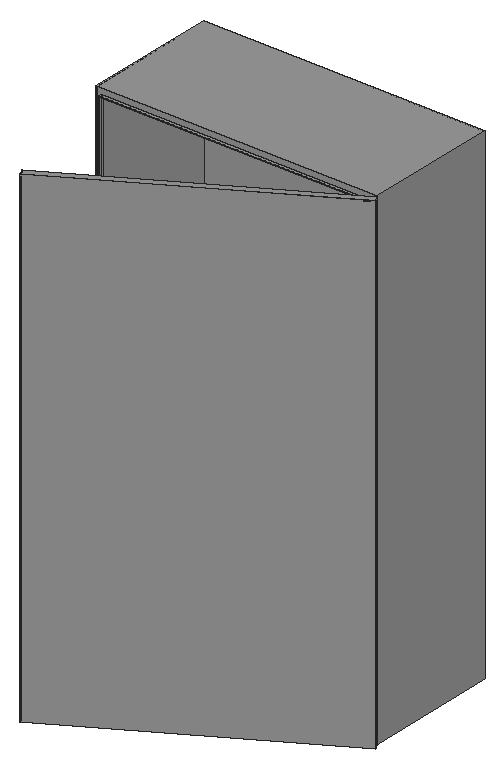
Revit family "Hager-Univers-IP55-D400-H1400-Cl.II-Steel_encl-NoHosted-SE-en", category Equipement électrique, Revit 2020
Family settings
  Configuration du panneau = Deux colonnes, circuits au sein
  Cote de connecteur circulaire = Utiliser le diamètre
  Type d'élément = Tableau de raccordement
  Basée sur le plan de construction = Oui
  Toujours verticalement = Oui
  Couper avec des vides une fois chargée = Non
  Partagée = Non
  Point de calcul de pièce = Non
Parameters (values of type "Surface mounted (plaster) IP55 W800 H1400 D400  - FR93H")
  Width Control [instance] = if([EF000008 - Width] > Min Width, [EF000008 - Width], Min Width)  # 800 mm
  Commentaires du type = [HG000003 - Range]  # "Univers"
  Thickness Door [instance] = if([EF009171 - Material plate thickness door/cover] > 3 mm, 3 mm, [EF009171 - Material plate thickness door/cover])  # 1.5 mm
  Seal Frame Offset [instance] = 17 mm  # constant formula
  Plinth Visibility [instance] = [HG000027 - Plinth height] > 0 mm  # no
  Min Width [instance] = 100 mm  # constant formula
  Min Depth [instance] = (2 * [EF009170 - Material plate thickness cabinet]) + 1 mm  # 4 mm
  Min Height [instance] = 100 mm  # constant formula
  Internal Frame Depth [instance] = (Door System Depth * 0.5)  # 9 mm
  Panel Name [instance] = ""  # (empty or 0)
  Model = ""
  HG000027 - Plinth height = 0 mm
  HG000026 - Floor standing = no
  HG000024 - Bottom section height = 600 mm
  HG000023 - Double section enclosure = no
  HG000016 - Door 3d visibility [instance] = yes
  HG000015 - Clearance visibility [instance] = no
  HG000014 - Door on the right [instance] = yes
  HG000013 - Door on the left [instance] = not([HG000014 - Door on the right])  # no
  HG000012 - Door swing angle [instance] = 30.00°
  HG000010 - Asymmetric doors = no
  HG000009 - Double swing door = no
  HG000006 - Flush mounted = no
  HG000004 - Manufacturer reference = "FR93H"
  HG000003 - Range = "Univers"
  HG000002 - With door or cover = yes
  Frame Offset Bottom [instance] = 10 mm  # constant formula
  Frame Offset [instance] = 15 mm  # constant formula
  EF015940 - Cover with overpressure release = no
  EF011959 - Degree of protection (NEMA) = ""
  EF009554 - Number of openings for flange plates = 6
  EF009212 - Cover model = "EV000116 - Closed"
  EF009171 - Material plate thickness door/cover = 1.5 mm
  EF009170 - Material plate thickness cabinet = 1.5 mm
  EF008873 - Nominal current (In) = 800 A
  EF007800 - Suitable for lightning protection = no
  EF006306 - With lock = no
  EF006244 - Transparent cover/door = no
  EF005474 - Degree of protection (IP) = "EV006420 - IP55"
  EF004464 - Type of door = "EV002646 - Single"
  EF004427 - Number of modules = 324
  EF004293 - Impact strength = "EV008784 - IK10"
  EF003532 - Suitable for outdoor use = no
  EF002950 - Width in number of modular spacings = 24
  EF001613 - Circuit integrity = "EV000494 - None"
  EF001596 - Material housing = "EV000179 - Steel"
  EF001131 - Internal depth = 400 mm
  EF001088 - Extension possible = yes
  EF000437 - Number of conduit inlets = 6
  EF000339 - Type of cover = "EV004216 - Door"
  EF000266 - Number of rows = 9
  EF000218 - Built-in depth = 0 mm
  EF000118 - With mounting plate = no
  EF000116 - RAL-number = "7035"
  EF000049 - Depth = 400 mm
  EF000040 - Height = 1400 mm
  EF000008 - Width = 800 mm
  EF000007 - Colour = "EV000270 - Grey"
  EF000003 - Mounting method = "EV000384 - Surface mounted (plaster)"
  Door System Leaf Tolerance [instance] = 1.5 mm  # constant formula
  Door System Depth [instance] = 18 mm  # constant formula
  Door Height [instance] = Height Control - [HG000027 - Plinth height]  # 1400 mm
  Description = ""
  Default Elevation = 1219.2 mm
  Connector Offset [instance] = Height Control / 2  # 700 mm
  Fabricant = "Hager"  # constant formula
  Height Control [instance] = if([EF000040 - Height] > Min Height, [EF000040 - Height], Min Height)  # 1400 mm
  Depth Control [instance] = if([EF000049 - Depth] > Min Depth, [EF000049 - Depth], Min Depth)  # 400 mm
  Bottom Top Plate Trim [instance] = 1.5 mm  # constant formula
  Plinth height Ctrl [instance] = if([HG000027 - Plinth height] > 0 mm, [HG000027 - Plinth height], 12 mm)  # 12 mm
Types (3, lengths in mm): name | Width Control | HG000009 - Double swing door | HG000004 - Manufacturer reference | EF009554 - Number of openings for flange plates | EF004464 - Type of door | EF004427 - Number of modules | EF000437 - Number of conduit inlets | EF000008 - Width
  Surface mounted (plaster) IP55 W1050 H1400 D400  - FR94H | 1050 | yes | "FR94H" | 8 | "EV003602 - Double" | 432 | 8 | 1050
  Surface mounted (plaster) IP55 W550 H1400 D400  - FR92H | 550 | no | "FR92H" | 4 | "EV002646 - Single" | 216 | 4 | 550
  Surface mounted (plaster) IP55 W800 H1400 D400  - FR93H | 800 | no | "FR93H" | 6 | "EV002646 - Single" | 324 | 6 | 800
Reference planes
  plane 1 "Center (Front/Back)": y = 0
  plane 2: z = 0
  plane 3 "Center (Left/Right)": x = 0
  plane 4: y = 0
  plane 5: y = 0
  plane 6: z = 0
  plane 7: x = -400
  plane 8: x = 400
  plane 9: x = 398.5
  plane 10: x = -398.5
  plane 11: z = 0
  plane 12: z = 1.5
  plane 13: y = -400
  plane 14: y = -1.5
  plane 15: x = 0
  plane 16: y = -382
  plane 17: y = -398.5
  plane 18: y = -380.5
  plane 19: x = -383.5
  plane 20: x = 383.5
  plane 21: z = 11.5
  plane 22: x = -383
  plane 23: x = 383
  plane 24: z = 0
  plane 25: z = 1400
  plane 26: z = 1400
  plane 27: z = 1383.5
  plane 28: z = 1398.5
Forms (mm)
  Extrusion 1, solid, material "Hager_Steel_RAL7035_Light_Grey", detail levels medium+fine
    sketch origin (-208.679, -4572, 0) x (-1, 0, 0) y (0, -1, 0)
      loop
        line (191.321, -4190) -> (-608.679, -4190) -> (-608.679, -4572) -> (191.321, -4572) -> (191.321, -4190)
    from 0 to 1400
  Extrusion 2, void
    sketch origin (-350.771, -400, 1219.2) x (1, 0, 0) y (0, 0, 1)
      loop
        line (-47.729, 179.3) -> (-47.729, -1217.7) -> (749.271, -1217.7) -> (749.271, 179.3) -> (-47.729, 179.3)
    from -19.5 to -398.5
  Extrusion 3, void
    sketch origin (-290.084, -382, 1219.2) x (1, 0, 0) y (0, 0, 1)
      loop
        line (-93.416, -1207.7) -> (673.584, -1207.7) -> (673.584, 164.3) -> (-93.416, 164.3) -> (-93.416, -1207.7)
    from 0 to -1.5
  Extrusion 4, solid, material "Hager_Steel_RAL7035_Light_Grey", visible <- "Plinth Visibility", detail levels medium+fine
    sketch origin (0, 0, 0) x (1, 0, 0) y (0, 1, 0)
      loop
        line (-400, 0) -> (-400, -382) -> (400, -382) -> (400, 0) -> (-400, 0)
    from 0 to 12 <- "Plinth height Ctrl"
  Extrusion 5, solid, material "Hager_Steel_RAL7035_Light_Grey", detail levels coarse
    sketch origin (0, 0, 0) x (1, 0, 0) y (0, 1, 0)
      loop
        line (-400, 0) -> (-400, -400) -> (400, -400) -> (400, 0) -> (-400, 0)
    from 0 to 1400 <- "Height Control"
  Sweep 6, void
    path in 3D
      loop
        line (-400, -382, 12) -> (400, -382, 12) -> (400, 0, 12) -> (-400, 0, 12) -> (-400, -382, 12)
    profile origin (-400, -191, 12) x (1, 0, 0) y (0, 0, 1)
      loop
        line (0, 0) -> (0, -1.5) -> (1.5, -1.5)
        arc (1.5, -1.5) -> (1.061, -0.439) -> (0, 0) r 1.5
  Extrusion 7, solid, material "Hager_Steel_RAL7035_Light_Grey", detail levels fine
    sketch origin (-400, -382, 0) x (1, 0, 0) y (0, 0, 1)
      loop
        line (16.5, 11.5) -> (783.5, 11.5) -> (783.5, 1383.5) -> (16.5, 1383.5) -> (16.5, 11.5)
      loop
        line (15, 10) -> (785, 10) -> (785, 1385) -> (15, 1385) -> (15, 10)
    from 0 to 9 <- "Internal Frame Depth"
Cuts and joins
  Extrusion 2, Extrusion 3 cuts Extrusion 1
  Sweep 6 cuts Extrusion 4
Lines and regions (mm)
  Masking region 1
    outline origin (0, 0, 0) x (1, 0, 0) y (0, 1, 0)
      loop
        line (-400, 0) -> (-400, -400) -> (400, -400) -> (400, 0) -> (-400, 0)
  Masking region 2, detail levels coarse
    outline origin (-290.084, -382, 1219.2) x (-1, 0, 0) y (0, 0, 1)
      loop
        line (-690.084, -1219.2) -> (109.916, -1219.2) -> (109.916, 180.8) -> (-690.084, 180.8) -> (-690.084, -1219.2)
  Masking region 3, detail levels coarse
    outline origin (0, 0, 0) x (0, 1, 0) y (0, 0, 1)
      loop
        line (0, 0) -> (0, 1400) -> (-400, 1400) -> (-400, 0) -> (0, 0)
  Masking region 4, visible <- "Plinth Visibility", detail levels medium+fine
    outline origin (0, 0, 0) x (0, 1, 0) y (0, 0, 1)
      loop
        line (-1.5, 12) -> (-380.5, 12)
        arc (-380.5, 12) -> (-380.939, 10.939) -> (-382, 10.5) r 1.5
        line (-382, 10.5) -> (-382, 0) -> (0, 0) -> (0, 10.5)
        arc (0, 10.5) -> (-1.061, 10.939) -> (-1.5, 12) r 1.5
  Masking region 5, detail levels medium+fine
    outline origin (0, 0, 594.038) x (0, 1, 0) y (0, 0, 1)
      loop
        line (0, -594.038) -> (0, 805.962) -> (-382, 805.962) -> (-382, -594.038) -> (0, -594.038)
  Masking region 6, detail levels medium+fine
    outline origin (-359.7, -382, 1211.883) x (-1, 0, 0) y (0, 0, 1)
      loop
        line (-759.7, -1211.883) -> (40.3, -1211.883) -> (40.3, 188.117) -> (-759.7, 188.117) -> (-759.7, -1211.883)
  Masking region 7, visible <- "Plinth Visibility", detail levels medium+fine
    outline origin (-320.334, -382, 1041.368) x (-1, 0, 0) y (0, 0, 1)
      loop
        line (-720.334, -1041.368) -> (79.666, -1041.368) -> (79.666, -1030.868)
        arc (79.666, -1030.868) -> (78.606, -1030.429) -> (78.166, -1029.368) r 1.5
        line (78.166, -1029.368) -> (-718.834, -1029.368)
        arc (-718.834, -1029.368) -> (-719.273, -1030.429) -> (-720.334, -1030.868) r 1.5
        line (-720.334, -1030.868) -> (-720.334, -1041.368)
  sketch lines
    curve 1: line (-400, 0, 12) -> (-400, -382, 12)
    curve 2: line (-400, -382, 12) -> (400, -382, 12)
    curve 3: line (400, 0, 12) -> (-400, 0, 12)
    curve 4: line (400, -382, 12) -> (400, 0, 12)
Dimensions and locks
  locked: plane 1 "Center (Front/Back)" to plane 5
  "EF009170 - Material plate thickness cabinet": plane 7 to plane 10
  "EF009170 - Material plate thickness cabinet": plane 8 to plane 9
  equal spacing: plane 7, plane 3 "Center (Left/Right)", plane 8
  "Width Control": plane 7 to plane 8
  "Depth Control": plane 4 to plane 13
  "EF009170 - Material plate thickness cabinet": plane 4 to plane 14
  "Height Control": plane 25 to level
  "HG000027 - Plinth height": plane 11 to level
  "EF009170 - Material plate thickness cabinet": plane 12 to plane 11
  "EF009170 - Material plate thickness cabinet": plane 17 to plane 13
  "EF009170 - Material plate thickness cabinet": plane 18 to plane 16
  "Frame Offset Bottom": plane 21 to plane 12
  "Frame Offset": plane 10 to plane 19
  "Frame Offset": plane 9 to plane 20
  "Door System Depth": plane 16 to plane 13
  "Seal Frame Offset": plane 7 to plane 22
  "Seal Frame Offset": plane 8 to plane 23
  "EF009170 - Material plate thickness cabinet": plane 26 to plane 28
  "Frame Offset": plane 28 to plane 27
  "Connector Offset": plane 2 to connector elem
  "Bottom Top Plate Trim": profile plane to Sweep 6 sketch curve
  "Bottom Top Plate Trim": Sweep 6 sketch curve to Sweep 6 sketch curve
  "Plinth height Ctrl": Masking region 4 sketch curve to level
  "Plinth height Ctrl": Masking region 7 sketch curve to level
  "Thickness Door": Extrusion 7 sketch curve to Extrusion 7 sketch curve  (x4)
  "Bottom Top Plate Trim": radius of Sweep 6 sketch curve
  "Bottom Top Plate Trim": radius of Masking region 4 sketch curve  (x2)
  "Bottom Top Plate Trim": radius of Masking region 7 sketch curve  (x2)
  aligned and locked: Extrusion 2 sketch curve to plane 12
  aligned and locked: Extrusion 2 sketch curve to plane 9
  aligned and locked: Extrusion 2 sketch curve to plane 10
  aligned and locked: Extrusion 2 to plane 14
  aligned and locked: Extrusion 1 sketch curve to plane 4
  aligned and locked: plane 8 to Extrusion 1 sketch curve
  aligned and locked: plane 7 to Extrusion 1 sketch curve
  aligned and locked: Extrusion 2 to plane 18
  aligned and locked: Extrusion 3 sketch curve to plane 19
  aligned and locked: plane 20 to Extrusion 3 sketch curve
  aligned and locked: Extrusion 3 to Extrusion 2
  aligned and locked: Extrusion 3 sketch curve to plane 21
  aligned and locked: plane 3 "Center (Left/Right)" to nested 1
  aligned and locked: Extrusion 1 sketch curve to plane 16
  aligned and locked: Extrusion 4 sketch curve to cut or joined group of Extrusion 1, Extrusion 2, Extrusion 3
  aligned and locked: Masking region 1 sketch curve to plane 7
  aligned and locked: Masking region 1 sketch curve to plane 5
  aligned and locked: Masking region 1 sketch curve to plane 8
  aligned and locked: Masking region 2 sketch curve to level
  aligned and locked: level to Masking region 3 sketch curve
  aligned and locked: plane 1 "Center (Front/Back)" to Masking region 3 sketch curve
  aligned and locked: plane 13 to Masking region 3 sketch curve
  aligned and locked: plane 5 to Masking region 4 sketch curve
  aligned and locked: Masking region 2 sketch curve to plane 8
  aligned and locked: Masking region 2 sketch curve to plane 7
  aligned and locked: plane 7 to nested 2
  aligned and locked: nested 2 to plane 5
  aligned and locked: plane 5 to Masking region 5 sketch curve
  aligned and locked: plane 26 to Masking region 5 sketch curve
  aligned and locked: Extrusion 5 sketch curve to plane 8
  aligned and locked: Extrusion 5 sketch curve to plane 7
  aligned and locked: Extrusion 5 sketch curve to plane 5
  aligned and locked: Extrusion 3 sketch curve to plane 27
  aligned and locked: Extrusion 2 sketch curve to plane 28
  aligned and locked: Masking region 2 to plane 25
  aligned and locked: Extrusion 4 to plane 16
  aligned and locked: profile plane to Sweep 6 sketch curve
  aligned and locked: Masking region 5 sketch curve to plane 24
  aligned and locked: level to Masking region 4 sketch curve
  aligned and locked: Masking region 1 to plane 13
  aligned and locked: nested 1 to plane 16
  aligned and locked: Masking region 3 to plane 25
  aligned and locked: plane 16 to Masking region 4 sketch curve
  aligned and locked: Masking region 5 sketch curve to plane 16
  aligned and locked: plane 24 to plane 11
  aligned and locked: plane 26 to plane 25
  aligned and locked: plane 26 to cut or joined group of Extrusion 1, Extrusion 2, Extrusion 3
  aligned and locked: nested 1 to plane 24
  aligned and locked: Extrusion 1 to Extrusion 3
  aligned and locked: Masking region 6 sketch curve to plane 8
  aligned and locked: Masking region 6 sketch curve to plane 24
  aligned and locked: Masking region 6 sketch curve to plane 7
  aligned and locked: Masking region 6 sketch curve to plane 26
  aligned and locked: Masking region 7 sketch curve to plane 7
  aligned and locked: level to Masking region 7 sketch curve
  aligned and locked: Masking region 7 sketch curve to plane 8
  aligned and locked: Extrusion 7 sketch curve to cut or joined group of Extrusion 1, Extrusion 2, Extrusion 3  (x4)
Automatic sketch dimensions
  plane 19 to Extrusion 3 sketch curve = 0 mm
  Extrusion 3 sketch curve to plane 20 = 0 mm
  Extrusion 3 sketch curve to plane 21 = 0 mm
  Extrusion 4 sketch curve to plane 7 = 0 mm
  Extrusion 4 sketch curve to plane 8 = 0 mm
  Extrusion 4 sketch curve to plane 16 = 0 mm
  Masking region 1 sketch curve to plane 13 = 0 mm
  Masking region 2 sketch curve to plane 25 = 0 mm
  Masking region 3 sketch curve to plane 25 = 0 mm
  Extrusion 5 sketch curve to plane 13 = 0 mm
  profile plane to Sweep 6 sketch curve = 0 mm
Nested families
  nested 1: "EC000058_Univers_Door" at (0, -382, 0), Double <- "HG000009 - Double swing door", Transparent <- "EF006244 - Transparent cover/door", Angle <- "HG000012 - Door swing angle", Door_Right <- "HG000014 - Door on the right", Assymetrical <- "HG000010 - Asymmetric doors", Door <- "HG000002 - With door or cover", Width_Ctrl <- "Width Control", 3d_Door <- "HG000016 - Door 3d visibility", Clearance <- "HG000015 - Clearance visibility", Door_Left <- "HG000013 - Door on the left", Width <- "Width Control", Door_Depth <- "Door System Depth", Leaf_Tolerance <- "Door System Leaf Tolerance", Height <- "Door Height", Lock_Visibility <- "EF006306 - With lock", Thickness <- "Thickness Door", type "EC000058_Univers_Door", detail levels medium+fine
    with min_wh 4 mm, Width_Ctrl 800 mm, Width 800 mm, Transparent no, Thickness 1.5 mm, Seal_Material Hager_Rubber, Lock_Visibility no, Lock_Material Hager_Plastic_RAL9005_Jet_Black, Leaf_Width 800 mm, Leaf_Tolerance_External_Sides 0 mm, Leaf_Tolerance 1.5 mm, Leaf_Offset 0 mm, Leaf_Height 1397 mm, Leaf_2_Width 800 mm, Leaf_2_Offset 400 mm, Leaf_1_Width 800 mm, Leaf_1_Offset 400 mm, Height_Ctrl 1400 mm, Height 1400 mm, Glass_Material Hager_Glass, Double_Clearance_Ctrl no, Double no, Door_Right_Ctrl yes, Door_Right yes, Door_Material Hager_Steel_RAL7035_Light_Grey, Door_Left_Ctrl no, Door_Left no, Door_Depth 18 mm, Door yes, Clearance_Material Hager_Clearance, Clearance_Depth 800 mm, Clearance_Ctrl no, Clearance no, Assymetrical no, Angle 30.00°, 3d_Door yes
  nested 2: "Hager_Enclosure_Symbol" at (-400, 0, 0), Height <- "Depth Control", Width <- "Width Control", type "Hager_Enclosure_Symbol"
    with Width_Ctrl 800 mm, Width 800 mm, Height_Ctrl 400 mm, Height 400 mm, A_Width_Int 26.25 mm, A_Width 315 mm, A_Height_Ctrl 350 mm, A_Height 350 mm
Connectors
  electrical at (0, 0, 700)
    settings: on plane 1 "Center (Front/Back)", index 1, voltage 0 V, apparent load 0 VA, apparent load phase1 0 VA, apparent load phase2 0 VA, apparent load phase3 0 VA, power factor 1, load classification "Other", number of poles 1, system type 30, power factor state 1, is connector primary yes, connector utility no, sub classification motor no, connector description ""
Definition of nested family "EC000058_Univers_Door"
  Parameters (values of type "EC000058_Univers_Door")
    min_wh [instance] = (2 * Thickness) + 1 mm  # 11 mm
    Width_Ctrl [instance] = 400 mm
    Width [instance] = 500 mm
    Transparent [instance] = yes
    Thickness [instance] = 5 mm
    Seal_Material [instance] = none
    Lock_Visibility [instance] = yes
    Lock_Material [instance] = none
    Leaf_Width [instance] = if((Width_Ctrl - 2 * Leaf_Tolerance_External_Sides) > 0 mm, (Width_Ctrl - 2 * Leaf_Tolerance_External_Sides), min_wh)  # 400 mm
    Leaf_Tolerance_External_Sides [instance] = 0 mm  # constant formula
    Leaf_Tolerance [instance] = 1.5 mm
    Leaf_Offset [instance] = 0 mm  # constant formula
    Leaf_Height [instance] = if((Height_Ctrl - 2 * Leaf_Tolerance) > 0 mm, (Height_Ctrl - 2 * Leaf_Tolerance), min_wh)  # 497 mm
    Leaf_2_Width [instance] = if(and(and(Double, Assymetrical), Door_Left), (Leaf_Width / 3) - (Leaf_Tolerance / 2), if(and(and(Double, Assymetrical), Door_Right), (Leaf_Width / 3) * 2 - (Leaf_Tolerance / 2), if(and(Double, not(Assymetrical)), (Leaf_Width / 2) - Leaf_Tolerance, Leaf_Width)))  # 400 mm
    Leaf_2_Offset [instance] = if(and(Double, Assymetrical), Leaf_2_Width / 2, if(and(Double, not(Assymetrical)), Leaf_Width / 4, Leaf_Width / 2))  # 200 mm
    Leaf_1_Width [instance] = if(and(and(Double, Assymetrical), Door_Right), (Leaf_Width / 3) - (Leaf_Tolerance / 2), if(and(and(Double, Assymetrical), Door_Left), (Width / 3) * 2 - (Leaf_Tolerance / 2), if(and(Double, not(Assymetrical)), (Leaf_Width / 2) - Leaf_Tolerance, Leaf_Width)))  # 400 mm
    Leaf_1_Offset [instance] = if(and(Double, Assymetrical), Leaf_1_Width / 2, if(and(Double, not(Assymetrical)), Leaf_Width / 4, Leaf_Width / 2))  # 200 mm
    Height_Ctrl [instance] = if(Height > min_wh, Height, min_wh)  # 500 mm
    Height [instance] = 500 mm
    Glass_Material [instance] = none
    Double_Clearance_Ctrl [instance] = and(Double, Clearance)  # no
    Double [instance] = no
    Door_Right_Ctrl [instance] = and(or(Door_Right, Double), Door)  # yes
    Door_Right [instance] = yes
    Door_Material [instance] = none
    Door_Left_Ctrl [instance] = and(or(Door_Left, Double), Door)  # no
    Door_Left [instance] = no
    Door_Depth [instance] = 30 mm
    Door [instance] = yes
    Default Elevation = 1219.2 mm
    Clearance_Material [instance] = none
    Clearance_Depth [instance] = if(Leaf_1_Width > Leaf_2_Width, Leaf_1_Width, Leaf_2_Width)  # 400 mm
    Clearance_Ctrl [instance] = and(not(Double), Clearance)  # yes
    Clearance [instance] = yes
    Assymetrical [instance] = yes
    Angle [instance] = 30.00°
    3d_Door [instance] = yes
  Reference planes
    plane 1 "Center (Front/Back)": y = 0
    plane 2 "Bottom": z = 0
    plane 3 "Center (Left/Right)": x = 0
    plane 4: z = 500
    plane 5: x = -200
    plane 6: x = 200
    plane 7: z = 500
    plane 8: x = -200
    plane 9: z = 0
    plane 10: x = 200
    plane 11: y = 0
    plane 12: z = 1.5
    plane 13: x = -600
    plane 14: y = -400
    plane 15: x = 600
    plane 16: x = 0
    plane 17: x = 0
    plane 18: x = -200
    plane 19: x = 200
    plane 20: z = 498.5
  Forms (mm)
    Extrusion 1, solid, material <- "Clearance_Material", visible <- "Double_Clearance_Ctrl"
      sketch origin (1200, 0, 0) x (1, 0, 0) y (0, 0, -1)
        loop
          line (-1800, -498.5) -> (-600, -498.5) -> (-600, 0) -> (-1800, 0) -> (-1800, -498.5)
      from 0 to -400
  Dimensions and locks
    equal spacing: plane 5, plane 3 "Center (Left/Right)", plane 6
    "Width_Ctrl": plane 5 to plane 6
    "Leaf_Offset": plane 5 to plane 8
    "Leaf_Offset": plane 6 to plane 10
    "Leaf_Offset": plane 9 to level
    "Leaf_Offset": plane 4 to plane 7
    "Height_Ctrl": plane 4 to level
    "Leaf_Tolerance": plane 12 to plane 9
    locked: plane 11 to plane 1 "Center (Front/Back)"
    "Leaf_1_Offset": plane 18 to plane 16
    "Leaf_2_Offset": plane 17 to plane 19
    "Leaf_1_Width": plane 13 to plane 8
    "Leaf_2_Width": plane 10 to plane 15
    "Clearance_Depth": plane 14 to plane 1 "Center (Front/Back)"
    "Leaf_Tolerance_External_Sides": plane 8 to plane 18
    "Leaf_Tolerance_External_Sides": plane 19 to plane 10
    "Leaf_Tolerance": plane 7 to plane 20
    aligned and locked: level to plane 2 "Bottom"
    aligned and locked: nested 1 to plane 16
    aligned and locked: nested 2 to plane 17
    aligned and locked: Extrusion 1 to plane 13
    aligned and locked: plane 15 to Extrusion 1
    aligned and locked: Extrusion 1 to plane 14
    aligned and locked: plane 12 to nested 1
    aligned and locked: nested 2 to plane 12
    aligned and locked: Extrusion 1 to plane 11
    aligned and locked: plane 20 to Extrusion 1
    aligned and locked: nested 2 to plane 11
    aligned and locked: nested 1 to plane 11
  Automatic sketch dimensions
    Extrusion 1 sketch curve to level = 0 mm
    plane 5 to Extrusion 1 sketch curve = 400 mm
    plane 6 to Extrusion 1 sketch curve = 400 mm
    Extrusion 1 sketch curve to plane 4 = 1.5 mm
  Nested families
    nested 1: "EC000058_Univers_Door_Leaf" at (0, 0, 1.5), Width <- "Leaf_1_Width", visible <- "Door_Left_Ctrl", Leaf_Height <- "Leaf_Height", Angle <- "Angle", 3d_Door <- "3d_Door", Transparent <- "Transparent", Clearance Material <- "Clearance_Material", Clearance <- "Clearance_Ctrl", Door_Material <- "Door_Material", Glass_Material <- "Glass_Material", Door_Depth <- "Door_Depth", Lock_Material <- "Lock_Material", Seal_Material <- "Seal_Material", Lock_Visibility <- "Lock_Visibility", Thickness <- "Thickness", type "EC000058_Univers_Door_Leaf"
      with Width 400 mm, Transparent_Glass_Offset 30 mm, Transparent_Ctrl yes, Transparent yes, Thickness 5 mm, Standard no, Seal_Material none, Seal_D2 8 mm, Seal_D1 1 mm, Offset_Internal_Frame 10 mm, Lock_Width 20 mm, Lock_Visibility_3d yes, Lock_Visibility yes, Lock_Thickness_3 3 mm, Lock_Thickness_2 1 mm, Lock_Thickness_1 3 mm, Lock_Radius_Offset_2 16 mm, Lock_Radius_Offset_1 15 mm, Lock_Radius_2 5 mm, Lock_Radius 6 mm, Lock_Offset 5 mm, Lock_Material none, Lock_Height 80 mm, Lock_Cover_Top_Offset_2d 17 mm, Lock_Cover_Height -65 mm, Leaf_Height 497 mm, Internal_Seal_Thickness 8 mm, Internal_Seal_Depth_2 4.5 mm, Internal_Frame_Depth 25 mm, Glass_Thickness -1 mm, Glass_Offset -2 mm, Glass_Material none, Door_Material none, Door_Depth 30 mm, Clearance Material none, Clearance yes, Angle_Ctrl 30.00°, Angle 30.00°, 3d_Door yes
    nested 2: "EC000058_Univers_Door_Leaf" at (0, 0, 1.5) x (-1, 0, 0) z (0, 0, 1), Width <- "Leaf_2_Width", visible <- "Door_Right_Ctrl", Leaf_Height <- "Leaf_Height", Angle <- "Angle", 3d_Door <- "3d_Door", Transparent <- "Transparent", Clearance Material <- "Clearance_Material", Clearance <- "Clearance_Ctrl", Door_Material <- "Door_Material", Glass_Material <- "Glass_Material", Door_Depth <- "Door_Depth", Lock_Material <- "Lock_Material", Seal_Material <- "Seal_Material", Lock_Visibility <- "Lock_Visibility", Thickness <- "Thickness", type "EC000058_Univers_Door_Leaf"
      with Width 400 mm, Transparent_Glass_Offset 30 mm, Transparent_Ctrl yes, Transparent yes, Thickness 5 mm, Standard no, Seal_Material none, Seal_D2 8 mm, Seal_D1 1 mm, Offset_Internal_Frame 10 mm, Lock_Width 20 mm, Lock_Visibility_3d yes, Lock_Visibility yes, Lock_Thickness_3 3 mm, Lock_Thickness_2 1 mm, Lock_Thickness_1 3 mm, Lock_Radius_Offset_2 16 mm, Lock_Radius_Offset_1 15 mm, Lock_Radius_2 5 mm, Lock_Radius 6 mm, Lock_Offset 5 mm, Lock_Material none, Lock_Height 80 mm, Lock_Cover_Top_Offset_2d 17 mm, Lock_Cover_Height -65 mm, Leaf_Height 497 mm, Internal_Seal_Thickness 8 mm, Internal_Seal_Depth_2 4.5 mm, Internal_Frame_Depth 25 mm, Glass_Thickness -1 mm, Glass_Offset -2 mm, Glass_Material none, Door_Material none, Door_Depth 30 mm, Clearance Material none, Clearance yes, Angle_Ctrl 30.00°, Angle 30.00°, 3d_Door yes
  Definition of nested family "EC000058_Univers_Door_Leaf"
    Parameters (values of type "EC000058_Univers_Door_Leaf")
      Width [instance] = 2000 mm
      Transparent_Glass_Offset [instance] = 30 mm
      Transparent_Ctrl [instance] = and(Transparent, [3d_Door])  # yes
      Transparent [instance] = yes
      Thickness [instance] = 5 mm
      Standard [instance] = and(not(Transparent), [3d_Door])  # no
      Seal_Material [instance] = none
      Seal_D2 [instance] = 8 mm  # constant formula
      Seal_D1 [instance] = 1 mm  # constant formula
      Offset_Internal_Frame [instance] = 10 mm  # constant formula
      Lock_Width [instance] = 20 mm  # constant formula
      Lock_Visibility_3d [instance] = and(Lock_Visibility, [3d_Door])  # yes
      Lock_Visibility [instance] = yes
      Lock_Thickness_3 [instance] = 3 mm  # constant formula
      Lock_Thickness_2 [instance] = 1 mm  # constant formula
      Lock_Thickness_1 [instance] = 3 mm  # constant formula
      Lock_Radius_Offset_2 [instance] = Lock_Radius_Offset_1 + 1 mm  # 16 mm
      Lock_Radius_Offset_1 [instance] = 15 mm  # constant formula
      Lock_Radius_2 [instance] = Lock_Radius - 1 mm  # 5 mm
      Lock_Radius [instance] = 6 mm  # constant formula
      Lock_Offset [instance] = 5 mm  # constant formula
      Lock_Material [instance] = none
      Lock_Height [instance] = 80 mm  # constant formula
      Lock_Cover_Top_Offset_2d [instance] = Lock_Radius_Offset_2 + 1 mm  # 17 mm
      Lock_Cover_Height [instance] = -(Lock_Height - Lock_Radius_Offset_1)  # -65 mm
      Leaf_Height [instance] = 2720.336 mm
      Internal_Seal_Thickness [instance] = 8 mm  # constant formula
      Internal_Seal_Depth_2 [instance] = 4.5 mm  # constant formula
      Internal_Frame_Depth [instance] = if(Door_Depth - Thickness > 5 mm, Door_Depth - Thickness, 5 mm)  # 25 mm
      Glass_Thickness [instance] = if(Thickness > 15 mm, Glass_Offset + 10 mm, -1 mm)  # -1 mm
      Glass_Offset [instance] = if(Thickness > 15 mm, -(Thickness + 10 mm) / 2, -2 mm)  # -2 mm
      Glass_Material [instance] = none
      Door_Material [instance] = none
      Door_Depth [instance] = 30 mm
      Default Elevation = 0 mm
      Clearance Material [instance] = none
      Clearance [instance] = yes
      Angle_Ctrl [instance] = if(Angle > 180.00°, 180.00°, Angle)  # 90.00°
      Angle [instance] = 90.00°
      3d_Door [instance] = yes
    Reference planes
      plane 1 "Center (Front/Back)": y = 0
      plane 2: z = 0
      plane 3 "Center (Left/Right)": x = 0
      plane 4: y = 2000
      plane 5: x = -1000
      plane 6: x = 1000
      plane 7: x = -3000
      plane 8: z = 2720.336
      plane 9: z = 30
      plane 10: z = 2690.336
      plane 11: x = 970
      plane 12: x = -970
      plane 13: y = -3
      plane 14: z = 107.833
      plane 15: y = -5
      plane 16: y = -223.314
      plane 17: x = -1000
      plane 18: z = 1360.168
      plane 19: y = 30
    Forms (mm)
      Extrusion 1, solid, material <- "Clearance Material", visible <- "Clearance"
        sketch origin (0, 0, 0) x (1, 0, 0) y (0, 0, 1)
          loop
            line (-3000, 2720.336) -> (-3000, 0) -> (1000, 0) -> (1000, 2720.336) -> (-3000, 2720.336)
        from 0 to -2000
      Extrusion 2, solid, material <- "Door_Material", visible <- "Standard", detail levels medium+fine
        sketch origin (-1000, 0, 0) x (0, 1, 0) y (-1, 0, 0)
          loop
            line (0, 30) -> (0, 25) -> (2000, 25) -> (2000, 30) -> (0, 30)
        from 0 to 2720.336 <- "Leaf_Height"
      Extrusion 3, solid, material <- "Door_Material", visible <- "Transparent_Ctrl", detail levels medium+fine
        sketch origin (-1000, 0, 0) x (0, 1, 0) y (-1, 0, 0)
          loop
            line (0, 25) -> (2000, 25) -> (2000, 30) -> (0, 30) -> (0, 25)
        from 0 to 2720.336 <- "Leaf_Height"
      Extrusion 4, void
        sketch origin (-1025, 2000, 0) x (0, 1, 0) y (0, 0, -1)
          loop
            line (-30, -2690.336) -> (-30, -30) -> (-1970, -30) -> (-1970, -2690.336) -> (-30, -2690.336)
        from 0 to 5 <- "Thickness"
      Sweep 5, solid, material <- "Seal_Material", visible <- "Transparent_Ctrl", detail levels fine
        path in 3D
          loop
            line (-1025, 30, 30) -> (-1025, 30, 2690.336) -> (-1025, 1970, 2690.336) -> (-1025, 1970, 30) -> (-1025, 30, 30)
        profile origin (-1025, 1000, 30) x (1, 0, 0) y (0, 0, 1)
          loop
            line (0, 0) -> (0, -8) -> (1, -8) -> (1, 0) -> (0, 0)
      Extrusion 6, solid, material <- "Glass_Material", visible <- "Transparent_Ctrl", detail levels medium+fine
        sketch origin (-1030, 0, 0) x (0, 1, 0) y (0, 0, -1)
          loop
            line (1970, -2690.336) -> (1970, -30) -> (30, -30) -> (30, -2690.336) -> (1970, -2690.336)
        from -2 <- "Glass_Offset" to -1 <- "Glass_Thickness"
      Extrusion 7, solid, material <- "Door_Material", visible <- "3d_Door", detail levels medium+fine
        sketch origin (-1025, 2000, 0) x (0, -1, 0) y (0, 0, -1)
          loop
            line (0, -2720.336) -> (2000, -2720.336) -> (2000, 0) -> (0, 0) -> (0, -2720.336)
          loop
            line (1995, -5) -> (5, -5) -> (5, -2715.336) -> (1995, -2715.336) -> (1995, -5)
        from 0 to 25 <- "Internal_Frame_Depth"
      Sweep 8, solid, material <- "Seal_Material", visible <- "Transparent_Ctrl", detail levels fine
        path in 3D
          loop
            line (-1025, 0, 0) -> (-1025, 2000, 0) -> (-1025, 2000, 2720.336) -> (-1025, 0, 2720.336) -> (-1025, 0, 0)
        profile origin (-1025, 0, 1360.168) x (1, 0, 0) y (0, 1, 0)
          loop
            line (0, 10) -> (2.975, 10)
            arc (2.975, 10) -> (4.053, 10.447) -> (4.5, 11.525) r 1.525
            line (4.5, 11.525) -> (4.5, 16.527)
            arc (4.5, 16.527) -> (4.069, 17.569) -> (3.027, 18) r 1.473
            line (3.027, 18) -> (0, 18) -> (0, 10)
      Extrusion 9, solid, material <- "Lock_Material", visible <- "Lock_Visibility_3d", detail levels fine
        sketch origin (-1030, 0, 0) x (0, 1, 0) y (0, 0, -1)
          loop
            arc (1993.5, -1400.168) -> (1994.561, -1399.729) -> (1995, -1398.668) r 1.5
            line (1995, -1398.668) -> (1995, -1320.168) -> (1975, -1320.168) -> (1975, -1398.668)
            arc (1975, -1398.668) -> (1975.439, -1399.729) -> (1976.5, -1400.168) r 1.5
            line (1976.5, -1400.168) -> (1993.5, -1400.168)
        from 3 <- "Lock_Thickness_1" to 0
      Blend 10, solid, material <- "Lock_Material", visible <- "Lock_Visibility_3d", detail levels fine
        base sketch origin (-1033, 0, 0) x (0, 1, 0) y (0, 0, -1)
          loop
            line (1975, -1320.168) -> (1975, -1398.668)
            arc (1975, -1398.668) -> (1975.439, -1399.729) -> (1976.5, -1400.168) r 1.5
            line (1976.5, -1400.168) -> (1993.5, -1400.168)
            arc (1993.5, -1400.168) -> (1994.561, -1399.729) -> (1995, -1398.668) r 1.5
            line (1995, -1398.668) -> (1995, -1320.168) -> (1975, -1320.168)
        top sketch origin (-1033, 0, 0) x (0, 1, 0) y (0, 0, -1)
          loop
            line (1976, -1320.168) -> (1976, -1398.668)
            arc (1976, -1398.668) -> (1976.146, -1399.022) -> (1976.5, -1399.168) r 0.5
            line (1976.5, -1399.168) -> (1993.5, -1399.168)
            arc (1993.5, -1399.168) -> (1993.854, -1399.022) -> (1994, -1398.668) r 0.5
            line (1994, -1398.668) -> (1994, -1320.168) -> (1976, -1320.168)
        from 0 to 1 <- "Lock_Thickness_2"
      Blend 11, solid, material <- "Lock_Material", visible <- "Lock_Visibility_3d", detail levels fine
        base sketch origin (-1034, 0, 0) x (0, 1, 0) y (0, 0, -1)
          loop
            line (1978, -1320.168) -> (1978, -1384.168)
            arc (1978, -1384.168) -> (1985, -1391.168) -> (1992, -1384.168) r 7
            line (1992, -1384.168) -> (1992, -1320.168) -> (1978, -1320.168)
        top sketch origin (-1034, 0, 0) x (0, 1, 0) y (0, 0, -1)
          loop
            line (1991, -1320.168) -> (1979, -1320.168) -> (1979, -1383.168)
            arc (1979, -1383.168) -> (1985, -1389.168) -> (1991, -1383.168) r 6
            line (1991, -1383.168) -> (1991, -1320.168)
        from 0 to 3 <- "Lock_Thickness_3"
      Extrusion 12, solid, material <- "Lock_Material", visible <- "Lock_Visibility_3d", detail levels fine
        sketch origin (-1030, 1975, 1320.168) x (1, 0, 0) y (0, -1, 0)
          loop
            line (-7, -19) -> (-7, -1) -> (0, -1) -> (0, 0) -> (-8, 0) -> (-8, -20) -> (0, -20) -> (0, -19) -> (-7, -19)
        from 0 to -65 <- "Lock_Cover_Height"
      Extrusion 13, void
        sketch origin (-1038, 1995, 1320.168) x (-1, 0, 0) y (0, 0, -1)
          loop
            line (-5, -65) -> (0, -65) -> (-5, -60) -> (-5, -65)
        from 0 to 20 <- "Lock_Width"
      Extrusion 14, void
        sketch origin (-1038, 1975, 1320.168) x (0, -1, 0) y (0, 0, -1)
          loop
            circle (-10, -15.995) r 6
          loop
            circle (-10, -15.995) r 5
        from 0 to 2
      Extrusion 15, solid, material <- "Lock_Material", visible <- "Lock_Visibility_3d", detail levels medium
        sketch origin (-1030, 0, 0) x (0, 1, 0) y (0, 0, -1)
          loop
            arc (1993.5, -1400.168) -> (1994.561, -1399.729) -> (1995, -1398.668) r 1.5
            line (1995, -1398.668) -> (1995, -1320.168) -> (1975, -1320.168) -> (1975, -1398.668)
            arc (1975, -1398.668) -> (1975.439, -1399.729) -> (1976.5, -1400.168) r 1.5
            line (1976.5, -1400.168) -> (1993.5, -1400.168)
        from 8 to 0
    Cuts and joins
      Extrusion 4 cuts Extrusion 3
      Extrusion 13, Extrusion 14 cuts Extrusion 9
      Extrusion 14 cuts Blend 11
      Extrusion 13, Extrusion 14 cuts Extrusion 12
      joined: Extrusion 9, Blend 10, Blend 11, Extrusion 12
      Extrusion 14 cuts Extrusion 15
    Lines and regions (mm)
      Masking region 1, visible <- "Lock_Visibility", detail levels fine
        outline origin (0, 0, 0) x (0, 1, 0) y (0, 0, 1)
          loop
            line (30, 1320.168) -> (33, 1320.168) -> (33, 1400.168) -> (30, 1400.168) -> (30, 1320.168)
      Masking region 2, visible <- "Lock_Visibility", detail levels fine
        outline origin (0, 3.143, 0) x (0, 1, 0) y (0, 0, 1)
          loop
            line (29.857, 1354.168) -> (30.857, 1354.168) -> (30.857, 1366.168) -> (29.857, 1366.168) -> (29.857, 1354.168)
      Masking region 3, detail levels medium+fine
        outline origin (0, 0, 0) x (0, 1, 0) y (0, 0, 1)
          loop
            line (0, 0) -> (30, 0) -> (30, 2720.336) -> (0, 2720.336) -> (0, 0)
      Masking region 4, detail levels medium+fine
        outline origin (0, 0, 0) x (1, 0, 0) y (0, 0, 1)
          loop
            line (-1000, 2720.336) -> (-1000, 0) -> (1000, 0) -> (1000, 2720.336) -> (-1000, 2720.336)
      Masking region 5, visible <- "Lock_Visibility", detail levels fine
        outline origin (-47.116, 0, 0) x (1, 0, 0) y (0, 0, 1)
          loop
            arc (1024.616, 1399.168) -> (1023.556, 1398.729) -> (1023.116, 1397.668) r 1.5
            line (1023.116, 1397.668) -> (1023.116, 1320.168) -> (1041.116, 1320.168) -> (1041.116, 1397.668)
            arc (1041.116, 1397.668) -> (1040.677, 1398.729) -> (1039.616, 1399.168) r 1.5
            line (1039.616, 1399.168) -> (1024.616, 1399.168)
      Masking region 6, visible <- "Lock_Visibility", detail levels medium+fine
        outline origin (-25, 0, 0) x (1, 0, 0) y (0, 0, 1)
          loop
            arc (1001.5, 1400.168) -> (1000.439, 1399.729) -> (1000, 1398.668) r 1.5
            line (1000, 1398.668) -> (1000, 1320.168) -> (1020, 1320.168) -> (1020, 1398.668)
            arc (1020, 1398.668) -> (1019.561, 1399.729) -> (1018.5, 1400.168) r 1.5
            line (1018.5, 1400.168) -> (1001.5, 1400.168)
      Masking region 7, visible <- "Lock_Visibility", detail levels fine
        outline origin (-73.735, 0, 0) x (1, 0, 0) y (0, 0, 1)
          loop
            line (1051.735, 1382.168) -> (1065.735, 1382.168) -> (1065.735, 1384.168)
            arc (1065.735, 1384.168) -> (1058.735, 1391.168) -> (1051.735, 1384.168) r 7
            line (1051.735, 1384.168) -> (1051.735, 1382.168)
      Masking region 8, visible <- "Lock_Visibility", detail levels fine
        outline origin (-73.735, 0, 0) x (1, 0, 0) y (0, 0, 1)
          loop
            line (1052.735, 1382.168) -> (1064.735, 1382.168) -> (1064.735, 1383.168)
            arc (1064.735, 1383.168) -> (1058.735, 1389.168) -> (1052.735, 1383.168) r 6
            line (1052.735, 1383.168) -> (1052.735, 1382.168)
      Masking region 9, visible <- "Lock_Visibility", detail levels fine
        outline origin (-25, 0, 0) x (1, 0, 0) y (0, 0, 1)
          loop
            line (1020, 1320.168) -> (1020, 1382.168) -> (1000, 1382.168) -> (1000, 1320.168) -> (1020, 1320.168)
      Masking region 10, detail levels medium+fine
        outline origin (0, 0, 0) x (1, 0, 0) y (0, 0, 1)
          loop
            circle (985, 1335.144) r 6
      Masking region 11, detail levels fine
        outline origin (0, 0, 0) x (1, 0, 0) y (0, 0, 1)
          loop
            circle (985, 1335.144) r 5
      Masking region 12, visible <- "Lock_Visibility", detail levels fine
        outline origin (0, 12.767, 0) x (0, 1, 0) y (0, 0, 1)
          loop
            line (20.233, 1320.168) -> (21.233, 1320.168) -> (21.233, 1399.168) -> (20.233, 1400.168) -> (20.233, 1320.168)
      Masking region 13, visible <- "Lock_Visibility", detail levels fine
        outline origin (0, 13.767, -10) x (0, 1, 0) y (0, 0, 1)
          loop
            line (20.233, 1330.168) -> (23.233, 1330.168) -> (23.233, 1399.168) -> (20.233, 1402.168) -> (20.233, 1330.168)
      Masking region 14, visible <- "Lock_Visibility", detail levels fine
        outline origin (0, 12.767, -10) x (0, 1, 0) y (0, 0, 1)
          loop
            line (20.233, 1330.168) -> (25.233, 1330.168) -> (25.233, 1399.305) -> (20.233, 1394.305) -> (20.233, 1330.168)
      Masking region 15, visible <- "Lock_Visibility", detail levels medium
        outline origin (0, 0, 0) x (0, 1, 0) y (0, 0, 1)
          loop
            line (30, 1320.168) -> (38, 1320.168) -> (38, 1400.168) -> (30, 1400.168) -> (30, 1320.168)
      Masking region 16, visible <- "Lock_Visibility", detail levels fine
        outline origin (-1000, 0, 0) x (0, 1, 0) y (-1, 0, 0)
          loop
            line (1975, 30) -> (1995, 30) -> (1995, 38) -> (1975, 38) -> (1975, 30)
          loop
            line (1979, 37) -> (1976, 37) -> (1976, 34) -> (1978, 34) -> (1979, 37)
          loop
            line (1994, 37) -> (1991, 37) -> (1992, 34) -> (1994, 34) -> (1994, 37)
      Masking region 17, visible <- "Lock_Visibility", detail levels medium
        outline origin (-1000, 0, 0) x (0, 1, 0) y (-1, 0, 0)
          loop
            line (1975, 30) -> (1995, 30) -> (1995, 38) -> (1975, 38) -> (1975, 30)
      symbolic lines
        curve 1: line (1000, 0, 0) -> (-3000, 0, 0)
        curve 2: arc (1000, 0, 0) -> (-1000, 2000, 0) -> (-3000, 0, 0) r 2000
        curve 4: line (-1030, 0, 0) -> (-1030, 2000, 0)
      reference lines
        curve 3: line (-1000, 0, 0) -> (-1000, 2000, 0)
      symbolic lines, detail levels medium+fine
        curve 5: line (-1030, 2000, 0) -> (-1025, 2000, 0)
        curve 7: line (-1025, 0, 0) -> (-1030, 0, 0)
        curve 8: line (-1025, 0, 0) -> (-1000, 0, 0)
        curve 9: line (-1000, 0, 0) -> (-1000, 2000, 0)
        curve 10: line (-1000, 2000, 0) -> (-1025, 2000, 0)
      symbolic lines, detail levels fine
        curve 6: line (-1025, 2000, 0) -> (-1025, 0, 0)
      sketch lines
        curve 11: line (-1025, 0, 2720.336) -> (-1025, 0, 0)
        curve 12: line (-1025, 2000, 0) -> (-1025, 0, 0)
        curve 13: line (-1025, 2000, 2720.336) -> (-1025, 2000, 0)
        curve 14: line (-1025, 0, 2720.336) -> (-1025, 2000, 2720.336)
        curve 15: line (-1025, 1970, 30) -> (-1025, 30, 30)
        curve 16: line (-1025, 30, 30) -> (-1025, 30, 2690.336)
        curve 17: line (-1025, 1970, 2690.336) -> (-1025, 1970, 30)
        curve 18: line (-1025, 30, 2690.336) -> (-1025, 1970, 2690.336)
      symbolic lines, visible <- "Transparent", detail levels medium+fine
        curve 19: line (-970, 0, 2690.336) -> (970, 0, 2690.336)
        curve 20: line (-970, 0, 30) -> (-970, 0, 2690.336)
        curve 21: line (970, 0, 30) -> (-970, 0, 30)
        curve 22: line (970, 0, 2690.336) -> (970, 0, 30)
    Dimensions and locks
      "Width": plane 1 "Center (Front/Back)" to plane 4
      equal spacing: plane 5, plane 3 "Center (Left/Right)", plane 6
      "Width": plane 5 to plane 6
      "Width": plane 7 to plane 5
      "Leaf_Height": plane 8 to level
      "Width": curve 5 to curve 3
      "Width": curve 3 to curve 3
      plane 8 to plane 10 = 30 mm
      plane 9 to level = 30 mm
      plane 12 to plane 5 = 30 mm
      plane 6 to plane 11 = 30 mm
      Extrusion 1 to Extrusion 4 sketch curve = 30 mm
      "Transparent_Glass_Offset": curve 3 to Extrusion 4 sketch curve
      "Transparent_Glass_Offset": Extrusion 4 sketch curve to cut or joined group of Extrusion 3, Extrusion 4  (x2)
      cut or joined group of Extrusion 3, Extrusion 4 to Extrusion 6 sketch curve = 30 mm
      "Transparent_Glass_Offset": cut or joined group of Extrusion 3, Extrusion 4 to Extrusion 4 sketch curve
      "Thickness": curve 6 to curve 4
      "Thickness": Extrusion 7 sketch curve to Extrusion 7 sketch curve  (x4)
      "Door_Depth": curve 4 to curve 3
      "Offset_Internal_Frame": profile plane to Sweep 8 sketch curve
      "Internal_Seal_Thickness": Sweep 8 sketch curve to Sweep 8 sketch curve
      "Internal_Seal_Depth_2": profile plane to Sweep 8 sketch curve
      "Seal_D1": profile plane to Sweep 5 sketch curve
      "Seal_D2": profile plane to Sweep 5 sketch curve
      "Thickness": Extrusion 2 sketch curve to Extrusion 2 sketch curve
      equal spacing: Extrusion 9 sketch curve, plane 18, Extrusion 9 sketch curve  (x2)
      equal spacing: Masking region 1 sketch curve, plane 18, Masking region 1 sketch curve
      "Lock_Height": Masking region 1 sketch curve to Masking region 1 sketch curve
      "Lock_Radius": Masking region 2 sketch curve to plane 18 to Masking region 2 sketch curve
      Masking region 2 sketch curve to Masking region 1 = 1 mm
      "Door_Depth": plane 19 to plane 1 "Center (Front/Back)"
      "Lock_Thickness_1": Masking region 1 sketch curve to plane 19
      "Lock_Width": Extrusion 9 sketch curve to Extrusion 9 sketch curve
      "Lock_Height": Extrusion 9 sketch curve to Extrusion 9 sketch curve
      "Lock_Offset": cut or joined group of Extrusion 3, Extrusion 4 to Extrusion 9 sketch curve
      equal spacing: plane 8, plane 18, level
      "Lock_Radius_Offset_1": Blend 11 sketch curve to Blend 10
      locked: Blend 10 to Blend 11 sketch curve at 2  (x2)
      locked: var sketch to Blend 11 sketch curve at 1  (x2)
      "Lock_Radius_Offset_2": Blend 11 sketch curve to Blend 10
      locked: Extrusion 12 sketch curve to Extrusion 12 sketch curve at 1  (x3)
      Masking region 6 sketch curve to Masking region 6 sketch curve = 80 mm
      "Lock_Height": Masking region 6 sketch curve to Masking region 6 sketch curve
      "Lock_Width": Masking region 6 sketch curve to Masking region 6 sketch curve
      locked: Masking region 6 to Masking region 5 sketch curve at 1  (x3)
      locked: Masking region 5 to Masking region 7 sketch curve at 2  (x2)
      "Lock_Radius_Offset_1": Masking region 5 to Masking region 7 sketch curve
      "Lock_Radius_Offset_2": Masking region 5 to Masking region 8 sketch curve
      locked: Masking region 7 to Masking region 8 sketch curve at 1  (x2)
      "Lock_Cover_Top_Offset_2d": Masking region 5 to Masking region 9 sketch curve
      equal spacing: Masking region 9, Masking region 10 sketch curve, Masking region 9
      equal spacing: Masking region 9, Masking region 11 sketch curve, Masking region 9
      Extrusion 15 sketch curve to Extrusion 15 sketch curve = 80 mm
      "Lock_Width": Extrusion 15 sketch curve to Extrusion 15 sketch curve
      "Lock_Height": Extrusion 15 sketch curve to Extrusion 15 sketch curve
      equal spacing: Extrusion 15 sketch curve, plane 18, Extrusion 15 sketch curve
      "Lock_Thickness_3": Masking region 13 sketch curve to Masking region 13 sketch curve
      "Lock_Height": Masking region 12 sketch curve to Masking region 12 sketch curve
      locked: Masking region 13 sketch curve to Masking region 1 at 8
      locked: Masking region 14 sketch curve to Masking region 13 at 1
      locked: Masking region 14 sketch curve to Masking region 1 at 10.863
      "Lock_Height": Masking region 15 sketch curve to Masking region 15 sketch curve
      "Lock_Offset": Extrusion 15 sketch curve to cut or joined group of Extrusion 3, Extrusion 4
      "Lock_Offset": plane 6 to Masking region 6 sketch curve
      radius of Sweep 8 sketch curve = 1.525 mm
      radius of Sweep 8 sketch curve = 1.473 mm
      radius of Extrusion 9 sketch curve = 1.5 mm  (x2)
      "Lock_Radius": radius of Extrusion 14 sketch curve
      "Lock_Radius_2": radius of Extrusion 14 sketch curve
      "Lock_Radius": radius of Masking region 10 sketch curve
      "Lock_Radius_2": radius of Masking region 11 sketch curve
      radius of Extrusion 15 sketch curve = 1.5 mm  (x2)
      "Angle_Ctrl": angle plane 1 "Center (Front/Back)" to curve 3
      locked: Masking region 12 sketch curve to Masking region 12 sketch curve (angle 45.00°)
      locked: Masking region 13 sketch curve to Masking region 13 sketch curve (angle 45.00°)
      locked: Masking region 14 sketch curve to Masking region 14 sketch curve (angle 45.00°)
      aligned and locked: level to plane 2
      aligned and locked: Extrusion 1 to curve 1
      aligned and locked: plane 6 to Extrusion 1
      aligned and locked: Extrusion 1 to plane 1 "Center (Front/Back)"
      aligned and locked: plane 4 to Extrusion 1
      aligned and locked: plane 8 to Extrusion 1
      aligned and locked: curve 7 to Extrusion 2 sketch curve
      aligned and locked: curve 5 to Extrusion 2 sketch curve
      aligned and locked: curve 7 to Extrusion 3 sketch curve
      aligned and locked: Extrusion 3 sketch curve to curve 4
      aligned and locked: Extrusion 3 sketch curve to curve 6
      aligned and locked: Extrusion 3 sketch curve to curve 5
      aligned and locked: curve 9 to curve 3
      aligned and locked: Extrusion 7 sketch curve to cut or joined group of Extrusion 3, Extrusion 4  (x4)
      aligned and locked: plane 17 to curve 3
      aligned and locked: plane 1 "Center (Front/Back)" to curve 3
      aligned and locked: plane 17 to plane 5
      aligned and locked: Sweep 8 sketch curve to profile plane
      aligned and locked: Sweep 5 sketch curve to profile plane  (x2)
      aligned and locked: Masking region 1 to Masking region 2 sketch curve
      aligned and locked: plane 19 to Masking region 1 sketch curve
      aligned and locked: plane 1 "Center (Front/Back)" to Masking region 3 sketch curve
      aligned and locked: plane 19 to Masking region 3 sketch curve
      aligned and locked: level to Masking region 3 sketch curve
      aligned and locked: Masking region 3 sketch curve to plane 8
      aligned and locked: plane 17 to Masking region 4 sketch curve
      aligned and locked: level to Masking region 4 sketch curve
      aligned and locked: Masking region 4 sketch curve to plane 8
      aligned and locked: plane 12 to curve 20
      aligned and locked: plane 10 to curve 19
      aligned and locked: plane 11 to curve 22
      aligned and locked: curve 21 to plane 9
      aligned and locked: Extrusion 2 sketch curve to cut or joined group of Extrusion 3, Extrusion 4
      aligned and locked: Blend 10 sketch curve to Extrusion 9  (x4)
      aligned and locked: Extrusion 9 to Blend 10 sketch curve
      aligned and locked: Blend 10 to Blend 11 sketch curve
      aligned and locked: Extrusion 12 sketch curve to Blend 11
      aligned and locked: Extrusion 12 sketch curve to Extrusion 9  (x4)
      aligned and locked: Masking region 5 sketch curve to Masking region 6
      aligned and locked: Masking region 9 sketch curve to Masking region 6  (x3)
      aligned and locked: Masking region 12 sketch curve to Masking region 1
      aligned and locked: Masking region 13 sketch curve to Masking region 1
      aligned and locked: Masking region 12 to Masking region 14
      aligned and locked: Masking region 14 sketch curve to Masking region 1
      aligned and locked: Masking region 15 sketch curve to Masking region 14
      aligned and locked: Masking region 13 sketch curve to Masking region 12
      aligned and locked: Masking region 16 sketch curve to cut or joined group of Extrusion 14, Extrusion 15  (x4)
      aligned and locked: Masking region 16 sketch curve to cut or joined group of Extrusion 9, Blend 10, Blend 11, Extrusion 12, Extrusion 13, Extrusion 14  (x6)
      aligned and locked: cut or joined group of Extrusion 9, Blend 10, Blend 11, Extrusion 12, Extrusion 13, Extrusion 14 to Masking region 16 sketch curve
      aligned and locked: Masking region 17 sketch curve to cut or joined group of Extrusion 14, Extrusion 15  (x3)
      aligned and locked: Masking region 17 sketch curve to cut or joined group of Extrusion 9, Blend 10, Blend 11, Extrusion 12, Extrusion 13, Extrusion 14
      aligned and locked: Masking region 9 to Masking region 8 sketch curve
      aligned and locked: Masking region 9 to Masking region 7 sketch curve
    Automatic sketch dimensions
      plane 1 "Center (Front/Back)" to curve 2 = 0 mm
      curve 2 to plane 5 = 0 mm
      Extrusion 1 sketch curve to level = 0 mm
      Extrusion 1 sketch curve to plane 7 = 0 mm
      Extrusion 1 sketch curve to plane 6 = 0 mm
      Extrusion 1 sketch curve to plane 8 = 0 mm
      Extrusion 3 to Extrusion 6 sketch curve = 30 mm  (x4)
      Masking region 4 sketch curve to plane 6 = 0 mm
      Blend 10 sketch curve to Extrusion 9 = 1.5 mm
      Blend 10 sketch curve to Extrusion 9 = 1 mm
      Extrusion 13 sketch curve to Extrusion 12 = 0 mm  (x2)
      Extrusion 12 to Extrusion 13 sketch curve = 3 mm
      Extrusion 13 sketch curve to Extrusion 12 = 5 mm
      Extrusion 14 sketch curve to Extrusion 14 sketch curve = 0 mm  (x2)
      Extrusion 14 sketch curve to Extrusion 12 = 10 mm
      Extrusion 14 sketch curve to Extrusion 12 = 15.995 mm
      Masking region 5 sketch curve to Masking region 5 sketch curve = 1.5 mm  (x2)
      Masking region 10 sketch curve to plane 18 = 25.024 mm
      Masking region 11 sketch curve to plane 18 = 25.024 mm
      plane 19 to Masking region 14 sketch curve = 3 mm
      Masking region 16 sketch curve to Masking region 16 sketch curve = 3 mm
      curve 4 to curve 3 = 0 mm
      Blend 10 to Blend 11 sketch curve = 0 mm
      Masking region 6 sketch curve to Masking region 6 sketch curve = 1.5 mm  (x2)
      Masking region 6 sketch curve to plane 18 = 40 mm
      plane 19 to Masking region 12 sketch curve = 3 mm
      Masking region 12 sketch curve to Masking region 12 sketch curve = 1 mm
      Masking region 15 sketch curve to plane 19 = 0 mm
      Masking region 15 sketch curve to plane 18 = 40 mm
      radius of Blend 10 sketch curve to Extrusion 9 = 1 mm
Definition of nested family "Hager_Enclosure_Symbol"
  Parameters (values of type "Hager_Enclosure_Symbol")
    Width_Ctrl [instance] = if(Width > 1 mm, Width, 1 mm)  # 102.27 mm
    Width [instance] = 102.27 mm
    Height_Ctrl [instance] = if(Height > 1 mm, Height, 1 mm)  # 66.5 mm
    A_Width_Int [instance] = if(A_Width / 12 > 2 mm, A_Width / 12, 2 mm)  # 4.364 mm
    A_Width [instance] = if(A_Height_Ctrl * 0.9 > 2 mm, A_Height_Ctrl * 0.9, 2 mm)  # 52.369 mm
    A_Height_Ctrl [instance] = if(A_Height > 2 mm, A_Height, 2 mm)  # 58.188 mm
    Height [instance] = 66.5 mm
    A_Height [instance] = Height - (Height / 8)  # 58.188 mm
  Reference planes
    plane 1 "Centre (avant/arrière)": y = 0
    plane 2: z = 0
    plane 3 "Centre (gauche/droite)": x = 0
    plane 4: x = 52.369
    plane 5: y = 33.042
    plane 6: y = 41.77
    plane 7: y = 66.5
    plane 8: x = 26.184
    plane 9: y = 37.406
    plane 10: x = 102.27
    plane 11: y = 66.5
    plane 12: y = 8.313
  Lines and regions (mm)
    Filled region 1, type "Solid_Black", in view "Niveau de réf."
      outline origin (0, 0, 0) x (1, 0, 0) y (0, 1, 0)
        loop
          line (52.369, 66.5) -> (33.188, 54.536) -> (45.365, 45.006) -> (52.369, 66.5)
    Filled region 2, type "Solid_Black", in view "Niveau de réf."
      outline origin (0, 0, 0) x (1, 0, 0) y (0, 1, 0)
        loop
          line (0, 0) -> (102.27, 0) -> (102.27, 66.5) -> (0, 0)
    detail lines, in view "Niveau de réf."
      curve 1: line (0, 8.313, 0) -> (26.184, 41.77, 0)
      curve 2: line (26.184, 41.77, 0) -> (26.184, 33.042, 0)
      curve 3: line (26.184, 33.042, 0) -> (52.369, 66.5, 0)
  Dimensions and locks
    "A_Width": plane 3 "Centre (gauche/droite)" to plane 4
    equal spacing: plane 3 "Centre (gauche/droite)", plane 8, plane 4
    equal spacing: plane 6, plane 9, plane 5
    equal spacing: curve 3, Filled region 1 sketch curve, Filled region 1 sketch curve
    "Height_Ctrl": plane 1 "Centre (avant/arrière)" to plane 11
    "A_Height_Ctrl": plane 11 to plane 12
    equal spacing: plane 11, plane 9, plane 12
    "A_Width_Int": plane 6 to plane 9
    "Width_Ctrl": plane 3 "Centre (gauche/droite)" to plane 10
    angle Filled region 1 sketch curve to curve 3 = 20.00°
    angle curve 3 to Filled region 1 sketch curve = 20.00°
    locked: curve 3 to Filled region 1 sketch curve (angle 90.00°)
    aligned and locked: plane 10 to Filled region 2
    aligned and locked: plane 11 to Filled region 2 sketch curve
    aligned and locked: plane 10 to Filled region 2 sketch curve
    aligned and locked: plane 3 "Centre (gauche/droite)" to curve 1
    aligned and locked: plane 12 to curve 1
    aligned and locked: plane 7 to plane 11
  Automatic sketch dimensions
    Filled region 1 sketch curve to plane 4 = 0 mm
    Filled region 1 sketch curve to plane 7 = 0 mm
    plane 1 "Centre (avant/arrière)" to Filled region 2 sketch curve = 0 mm
    Filled region 2 sketch curve to plane 3 "Centre (gauche/droite)" = 0 mm
    curve 2 to plane 6 = 0 mm
    curve 2 to plane 8 = 0 mm
    curve 3 to plane 4 = 0 mm
    curve 2 to plane 5 = 0 mm
    curve 3 to plane 7 = 0 mm
